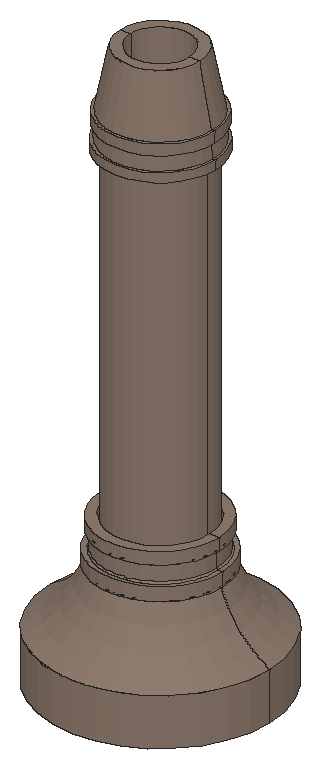
Revit family "CB1206", category Generic Models, Revit 2014
Parameters
  BODY = Bronze, Architectural
  BASE = Bronze, Architectural
Reference planes (in)
  plane 1 "Center (Front/Back)": y = 0
  plane 2: z = 0
  plane 3 "Center (Left/Right)": x = 0
Forms (in)
  Revolve 1, solid, material "Bronze, Architectural" <- "BASE"
    sketch origin (0, 0, 0) x (1, 0, 0) y (0, 0, 1)
      loop
        arc (-8.375, 1.125) -> (-8.64017, 1.23483) -> (-8.75, 1.5) r 0.375
        line (-8.75, 1.5) -> (-8.75, 3.69864)
        arc (-8.75, 3.69864) -> (-6.35229, 5.47517) -> (-4.44749, 7.77231) r 12.42104
        arc (-4.44749, 7.77231) -> (-4.32843, 7.84838) -> (-4.18966, 7.875) r 0.375
        line (-4.18966, 7.875) -> (-3.59375, 7.875) -> (-3.59375, 8.625) -> (-3.85185, 8.625)
        arc (-3.85185, 8.625) -> (-3.94036, 8.66166) -> (-3.97703, 8.75018) r 0.12518
        line (-3.97703, 8.75018) -> (-4.17399, 12.5) -> (-5, 12.5) -> (-5, 11.5) -> (-4.875, 11.5)
        arc (-4.875, 11.5) -> (-4.78661, 11.46339) -> (-4.75, 11.375) r 0.125
        line (-4.75, 11.375) -> (-4.75, 10.125)
        arc (-4.75, 10.125) -> (-4.78661, 10.03661) -> (-4.875, 10) r 0.125
        line (-4.875, 10) -> (-5.25, 10) -> (-5.25, 8.875) -> (-5.14924, 8.875)
        arc (-5.14924, 8.875) -> (-5.09844, 8.84891) -> (-5.09005, 8.79241) r 0.0625
        arc (-5.09005, 8.79241) -> (-6.69966, 5.98792) -> (-9.25, 4) r 8.39366
        line (-9.25, 4) -> (-9.25, 0) -> (-8.5, 0) -> (-8.5, 0.1875) -> (-3.01201, 0.25) -> (-3.01201, 1.125) -> (-8.375, 1.125)
      axis (0, 12.5) -> (0, 0)
    angle from 0 to 360
  Revolve 2, solid, material "Bronze, Architectural" <- "BODY"
    sketch origin (0, 0, 0) x (1, 0, 0) y (0, 0, 1)
      loop
        line (-3.375, 48) -> (-4.375, 43.125) -> (-4.625, 43.125) -> (-4.625, 42.25) -> (-4.375, 42.25) -> (-4.4375, 41) -> (-4.6875, 41) -> (-4.6875, 40.25) -> (-4, 40.25) -> (-4, 8.88447) -> (0, 8.88447) -> (0, 48) -> (-3.375, 48)
      axis (0, 8.88447) -> (0, 48)
    angle from 0 to 360
  Revolve 3, void
    sketch origin (0, 0, 0) x (1, 0, 0) y (0, 0, 1)
      loop
        line (-2.5, 48) -> (-2.5, 8.4623) -> (0, 8.4623) -> (0, 48) -> (-2.5, 48)
      axis (0, 48) -> (0, 8.4623)
    angle from 0 to 360
Cuts and joins
  Revolve 3 cuts Revolve 2
Dimensions and locks (in)
  aligned and locked: plane 2 to level
